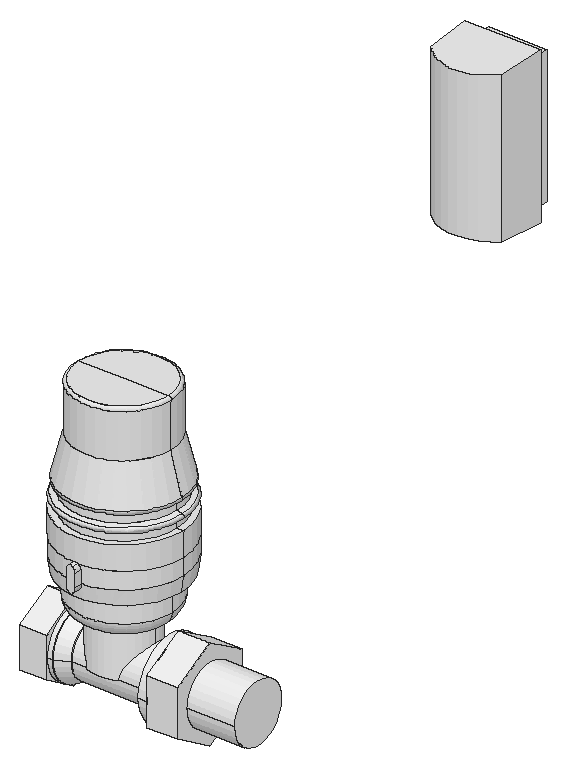
Revit family "RA-IN_Straight_DN10-20_F_Redia_RFA", category Pipe Accessories, Revit 2019
Family settings
  Round Connector Dimension = Use Diameter
  Part Type = Valve - Breaks Into
  OmniClass Number = 23.65.55.14.17
  OmniClass Title = Adjusting/Controlling Valves for Liquid Services
  Work Plane-Based = No
  Always vertical = Yes
  Cut with Voids When Loaded = No
  Shared = No
Parameters (values of type "RA-IN_Straight_DN20_Internal_F_013G6586")
  length = 96.60 mm
  Weight = 0.39 kg
  Wa = 27.50 mm  # constant formula
  W = 58.00 mm  # constant formula
  Setting Range = "1-4,N"  # constant formula
  Sensor Type = Redia Sensors_RA_RFA : Redia Sensors_RA_Remote_8-28 °C
  SL = L1 + L2  # 74.30 mm
  SD = R_200_1 * 2  # 42.38 mm
  R_200_1 = 21.19 mm
  R_200 = 18.30 mm
  RV4 = 18.20 mm
  RV3 = 15.00 mm
  RV2 = 15.60 mm
  Pressure Drop [instance] = 0.0 bar
  Model Type = "RA-IN_Straight_DN20_Internal_F"
  Model = "013G6586"
  Max Operating Pressure = "10 bar"  # constant formula
  Max Medium Temperature = "120 ˚C"  # constant formula
  Max Differential Pressure = "0.6 bar"  # constant formula
  L4 = 14.00 mm
  Valve Body Material = Danfoss Brass (Nickel plated)
  RV5 = 13.30 mm
  LOD 350 = not(LOD 200)  # yes
  LOD 200 = no
  L8 = 4.20 mm
  L7 = 18.00 mm
  L6 = 14.00 mm
  L5 = 6.20 mm
  L [instance] = 96.60 mm
  Kvs = 1.4 m³/h
  IfcExportType = "RA-IN"  # constant formula
  IfcExportAs = "IfcValveType"  # constant formula
  Ha [instance] = 115.90 mm
  HT1 = if(D = 20.00 mm, 20.00 mm, 15.00 mm)  # 20.00 mm
  L3 = 12.20 mm
  URL = "https://store.danfoss.com/fr/en/Climate-Solutions-for-heating/Radiator-Thermostats/Radiator-Valves/Build-on-valves/Presetting-valves/c/13866?q=%3Arelevance%3Adanfoss_producttypehierarchydesc%3ARA-IN%3Adanfoss_a223339155%3AA223_3391558c5e50fab3748e9c53a6863b3dce1401%3Adanfoss_a2824460767%3AA2824_460767800618943025315f869e4e1f09471012&text="
  Manufacturer = "Danfoss"  # constant formula
  L2 = 39.30 mm
  L1 = 35.00 mm
  HT = HT1 + 33.00 mm  # 53.00 mm
  H [instance] = 137.089 mm
  Flow [instance] = 0.0 m³/h
  Description = "Thermostatic Radiator Valve"  # constant formula
  DB1 = 29.00 mm
  DV1 = 25.00 mm
  L_nut thread2 = 18.35 mm
  L_nut thread1 = 15.85 mm
  D = 20.00 mm
  Connection = "Internal thread"  # constant formula
Types (3, lengths in mm): name | length | Weight | SL | SD | R_200_1 | R_200 | RV4 | RV3 | RV2 | Model Type | Model | L4 | RV5 | L8 | L7 | L6 | L5 | L | Kvs | Ha | HT1 | L3 | L2 | L1 | HT | H | DB1 | DV1 | L_nut thread2 | L_nut thread1 | D
  RA-IN_Straight_DN10_Internal_F_013G6582 | 96.60 | 0.39 kg | 74.30 | 42.38 | 21.19 | 18.30 | 18.20 | 15.00 | 15.60 | "RA-IN_Straight_DN20_Internal_F" | "013G6586" | 14.00 | 13.30 | 4.20 | 18.00 | 14.00 | 6.20 | 96.60 | 1.4 m³/h | 115.90 | 20.00 | 12.20 | 39.30 | 35.00 | 53.00 | 137.089 | 29.00 | 25.00 | 18.35 | 15.85 | 20.00
  RA-IN_Straight_DN15_Internal_F_013G6584 | 82.00 | 0.24 kg | 61.00 | 34.64 | 17.32 | 15.42 | 14.80 | 12.30 | 12.50 | "RA-IN_Straight_DN15_Internal_F" | "013G6584" | 10.00 | 10.50 | 3.80 | 15.50 | 9.50 | 4.00 | 82.00 | 0.9 m³/h | 110.90 | 15.00 | 10.00 | 32.00 | 29.00 | 48.00 | 128.221 | 25.50 | 20.30 | 15.00 | 13.35 | 15.00
  RA-IN_Straight_DN20_Internal_F_013G6586 | 96.60 | 0.39 kg | 74.30 | 42.38 | 21.19 | 18.30 | 18.20 | 15.00 | 15.60 | "RA-IN_Straight_DN20_Internal_F" | "013G6586" | 14.00 | 13.30 | 4.20 | 18.00 | 14.00 | 6.20 | 96.60 | 1.4 m³/h | 115.90 | 20.00 | 12.20 | 39.30 | 35.00 | 53.00 | 137.089 | 29.00 | 25.00 | 18.35 | 15.85 | 20.00
Reference planes
  plane 1 "Center (Front/Back)": y = 0
  plane 2 "XYPLANE": z = 6
  plane 3 "Center (Left/Right)": x = 0
  plane 4 "63": x = 0
  plane 5 "62": x = -35
  plane 6 "61": x = 39.3
  plane 7 "60": y = 0
  plane 8 "59": z = 0
  plane 9 "Y2": x = -22.8
  plane 10: z = 53
  plane 11: x = 25.3
  plane 12: z = 20
  plane 13: x = 18
  plane 14: x = -14
  plane 15: x = -20.2
  plane 16: x = 21.1
  plane 17: x = -18.073
  plane 18: x = 61.6
  plane 19: y = 27.5
  plane 20: y = -30.5
Forms (mm)
  Extrusion 1, solid, material "Danfoss Brass (Nickel plated)" <- "Valve Body Material", visible <- "LOD 350", detail levels fine
    sketch origin (-15, 0, 0) x (0, 0, 1) y (0, -1, 0)
      loop
        circle (0, 0) r 12.5
    from 1 to 33
  Extrusion 2, solid, material "Danfoss Brass (Nickel plated)" <- "Valve Body Material", visible <- "LOD 350", detail levels fine
    sketch origin (39.3, -750, 0) x (0, 1, 0) y (0, 0, 1)
      loop
        line (750, 21.189) -> (731.65, 10.594) -> (731.65, -10.594) -> (750, -21.189) -> (768.35, -10.594) -> (768.35, 10.594) -> (750, 21.189)
    from 0 to -14
  Extrusion 3, solid, material "Danfoss Brass (Nickel plated)" <- "Valve Body Material", visible <- "LOD 350", detail levels fine
    sketch origin (-35, -750, 0) x (0, 1, 0) y (0, 0, 1)
      loop
        line (750, 18.302) -> (734.15, 9.151) -> (734.15, -9.151) -> (750, -18.302) -> (765.85, -9.151) -> (765.85, 9.151) -> (750, 18.302)
    from 0 to 12.2 <- "L3"
  Extrusion 4, solid, material "Danfoss Brass (Nickel plated)" <- "Valve Body Material", visible <- "LOD 350", detail levels fine
    sketch origin (39.3, -750, 0) x (0, 1, 0) y (0, 0, 1)
      loop
        circle (750, 0) r 15.6
    from -62.1 to -59.5
  Extrusion 5, solid, material "Danfoss Brass (Nickel plated)" <- "Valve Body Material", visible <- "LOD 200", detail levels fine
    sketch origin (39.3, -750, 0) x (0, 1, 0) y (0, 0, 1)
      loop
        circle (750, 0) r 12.5
    from -62.1 to -14
  Extrusion 6, solid, material "Danfoss Brass (Nickel plated)" <- "Valve Body Material", detail levels fine
    sketch origin (0, 0, 0) x (0, 1, 0) y (0, 0, 1)
      loop
        circle (0, 0) r 13.3
    from 39.3 to 61.6
  Extrusion 7, solid, material "Danfoss Brass (Nickel plated)" <- "Valve Body Material", detail levels fine
    sketch origin (0, 0, 0) x (1, 0, 0) y (0, 1, 0)
      loop
        circle (0, 0) r 14.5
    from 0 to 20
  Blend 8, solid, material "Danfoss Brass (Nickel plated)" <- "Valve Body Material", visible <- "LOD 350", detail levels fine
    base sketch origin (0, 0, 0) x (0, 1, 0) y (0, 0, 1)
      loop
        circle (0, 0) r 15.6
    top sketch origin (0, 0, 0) x (0, 1, 0) y (0, 0, 1)
      loop
        circle (0, 0) r 12.5
    from -20.2 to -14
  Blend 9, solid, material "Danfoss Brass (Nickel plated)" <- "Valve Body Material", visible <- "LOD 350", detail levels fine
    base sketch origin (0, 0, 0) x (0, 1, 0) y (0, 0, -1)
      loop
        circle (0, 0) r 15
    top sketch origin (0, 0, 0) x (0, 1, 0) y (0, 0, -1)
      loop
        circle (0, 0) r 12.5
    from -21.1 to -18
  Extrusion 10, solid, material "Danfoss Brass (Nickel plated)" <- "Valve Body Material", visible <- "LOD 350", detail levels fine
    sketch origin (-29.5, -750, 0) x (0, 1, 0) y (0, 0, -1)
      loop
        circle (750, 0) r 18.2
    from -54.8 to -50.6
  Extrusion 11, solid, material "Danfoss Brass (Nickel plated)" <- "Valve Body Material", visible <- "LOD 200", detail levels fine
    sketch origin (0, 0, 0) x (0, 1, 0) y (0, 0, 1)
      loop
        circle (0, 0) r 18.3
    from -35 to -22.8
  Extrusion 12, solid, material "Danfoss Brass (Nickel plated)" <- "Valve Body Material", visible <- "LOD 200", detail levels fine
    sketch origin (0, 0, 0) x (0, 1, 0) y (0, 0, 1)
      loop
        circle (0, 0) r 21.19
    from 25.3 to 39.3
Lines and regions (mm)
  reference lines, not visible
    curve 1: circle (2, 2, 0) r 1 normal (0, 0, 1)
  reference lines, visible <- "LOD 350"
    curve 2: line (39.3, 0, 0) -> (39.3, 5.846, -3.375)
    curve 3: line (39.3, 0, 0) -> (39.3, 0, -6.75)
    curve 4: line (39.3, 0, 0) -> (39.3, -5.846, -3.375)
    curve 5: line (-35, 0, 0) -> (-35, -4.98, -2.875)
    curve 6: line (-35, 0, 0) -> (-35, 0, -5.75)
    curve 7: line (-35, 0, 0) -> (-35, 4.98, -2.875)
Dimensions and locks
  plane 1 "Center (Front/Back)" to curve 1 = 2.00 mm
  locked: plane 3 "Center (Left/Right)" to plane 4 "63"
  "L1": plane 3 "Center (Left/Right)" to plane 5 "62"
  "L2": plane 3 "Center (Left/Right)" to plane 6 "61"
  locked: plane 1 "Center (Front/Back)" to plane 7 "60"
  plane 8 "59" to plane 2 "XYPLANE" = 6.00 mm
  "L_nut thread2": curve 2 to Extrusion 2 sketch curve  (x2)
  "L_nut thread2": curve 3 to Extrusion 2 sketch curve  (x2)
  "L_nut thread2": curve 4 to Extrusion 2 sketch curve  (x2)
  "L_nut thread1": curve 5 to Extrusion 3 sketch curve  (x2)
  "L_nut thread1": curve 6 to Extrusion 3 sketch curve  (x2)
  "L_nut thread1": curve 7 to Extrusion 3 sketch curve  (x2)
  "HT": plane 10 to level
  "L3": plane 5 "62" to plane 9 "Y2"
  "L4": plane 11 to plane 6 "61"
  "HT1": plane 12 to level
  "L6": plane 3 "Center (Left/Right)" to plane 14
  "L7": plane 13 to plane 3 "Center (Left/Right)"
  "L5": plane 14 to plane 15
  plane 6 "61" to plane 5 "62" = 74.30 mm
  "L8": plane 11 to plane 16
  locked: plane 17 to plane 9 "Y2" at 4.727
  plane 10 to plane 12 = 33.00 mm
  "length": plane 5 "62" to plane 18
  Extrusion 2 to Extrusion 2 = 36.70 mm
  Extrusion 3 to Extrusion 3 = 31.70 mm
  "L": plane 18 to plane 5 "62"
  "H": nested 2 to Extrusion 2
  level to Extrusion 3 = 18.302 mm
  level to Extrusion 2 = 21.189 mm
  "Ha": nested 2 to plane 8 "59"
  "Wa": plane 1 "Center (Front/Back)" to plane 19
  "W": plane 19 to plane 20
  plane 19 to nested 2 = 57.89 mm
  "DV1": diameter of Extrusion 1 sketch curve
  "RV2": radius of Extrusion 4 sketch curve
  "DV1": diameter of Extrusion 5 sketch curve
  "RV5": radius of Extrusion 6 sketch curve
  "DB1": diameter of Extrusion 7 sketch curve
  "RV2": radius of Blend 8 sketch curve
  "DV1": diameter of Blend 8 sketch curve
  "RV3": radius of Blend 9 sketch curve
  "DV1": diameter of Blend 9 sketch curve
  "RV4": radius of Extrusion 10 sketch curve
  "R_200": radius of Extrusion 11 sketch curve
  "R_200_1": radius of Extrusion 12 sketch curve
  locked: curve 3 to curve 2 (angle 60.00°)
  locked: curve 4 to curve 3 (angle 60.00°)
  locked: curve 4 to curve 2 (angle 120.00°)
  locked: curve 6 to curve 5 (angle 60.00°)
  locked: curve 7 to curve 6 (angle 60.00°)
  locked: curve 7 to curve 5 (angle 120.00°)
  aligned and locked: Extrusion 1 sketch curve to plane 7 "60"
  aligned and locked: curve 4 to plane 7 "60"
  aligned and locked: plane 8 "59" to curve 4
  aligned and locked: curve 7 to plane 7 "60"
  aligned and locked: plane 8 "59" to curve 7
  aligned and locked: plane 1 "Center (Front/Back)" to Extrusion 4 sketch curve
  aligned and locked: level to Extrusion 4 sketch curve
  aligned and locked: plane 1 "Center (Front/Back)" to Extrusion 5 sketch curve
  aligned and locked: level to Extrusion 5 sketch curve
  aligned and locked: plane 9 "Y2" to Extrusion 3
  aligned and locked: plane 1 "Center (Front/Back)" to Extrusion 6 sketch curve
  aligned and locked: level to Extrusion 6 sketch curve
  aligned and locked: Extrusion 2 to plane 11
  aligned and locked: plane 4 "63" to Extrusion 7 sketch curve
  aligned and locked: plane 7 "60" to Extrusion 7 sketch curve
  aligned and locked: plane 12 to Extrusion 7
  aligned and locked: Extrusion 6 to plane 6 "61"
  aligned and locked: Extrusion 1 to plane 14
  aligned and locked: plane 13 to Extrusion 1
  aligned and locked: Extrusion 4 to plane 9 "Y2"
  aligned and locked: plane 15 to Extrusion 4
  aligned and locked: plane 1 "Center (Front/Back)" to Blend 8 sketch curve  (x2)
  aligned and locked: level to Blend 8 sketch curve  (x2)
  aligned and locked: Blend 8 to plane 15
  aligned and locked: plane 14 to Blend 8
  aligned and locked: plane 13 to Blend 9
  aligned and locked: plane 1 "Center (Front/Back)" to Blend 9 sketch curve  (x2)
  aligned and locked: level to Blend 9 sketch curve  (x2)
  aligned and locked: Extrusion 5 to plane 9 "Y2"
  aligned and locked: plane 11 to Extrusion 5
  aligned and locked: plane 16 to Blend 9
  aligned and locked: plane 11 to Extrusion 10
  aligned and locked: Extrusion 10 to plane 16
  aligned and locked: plane 1 "Center (Front/Back)" to Extrusion 11 sketch curve
  aligned and locked: level to Extrusion 11 sketch curve
  aligned and locked: Extrusion 11 to plane 5 "62"
  aligned and locked: Extrusion 11 to plane 9 "Y2"
  aligned and locked: plane 1 "Center (Front/Back)" to Extrusion 12 sketch curve
  aligned and locked: level to Extrusion 12 sketch curve
  aligned and locked: Extrusion 12 to Extrusion 2
  aligned and locked: Extrusion 12 to plane 6 "61"
  aligned and locked: plane 18 to Extrusion 6
  aligned and locked: plane 3 "Center (Left/Right)" to nested 1
  aligned and locked: plane 12 to nested 1
  aligned and locked: plane 1 "Center (Front/Back)" to nested 1
  aligned and locked: plane 8 "59" to nested 3
  aligned and locked: plane 1 "Center (Front/Back)" to nested 3
  aligned and locked: nested 3 to plane 5 "62"
  aligned and locked: plane 3 "Center (Left/Right)" to nested 2
  aligned and locked: plane 1 "Center (Front/Back)" to nested 2
  aligned and locked: nested 2 to plane 12
Automatic sketch dimensions
  plane 3 "Center (Left/Right)" to curve 1 = 2.00 mm
  Extrusion 1 sketch curve to level = 0.00 mm
  Extrusion 6 sketch curve to level = 0.00 mm
  Extrusion 10 sketch curve to level = 0.00 mm
  Extrusion 10 sketch curve to plane 1 "Center (Front/Back)" = 0.00 mm
  radius of curve 1 = 1.00 mm
Nested families
  nested 1: "connection neck" at (0, 0, 20), LOD 200 <- "LOD 200", type "connection", detail levels fine
    with LOD 350 yes, LOD 200 no, DN20(350) yes, DN10-15(350) no, HT1 12.55 mm, D 20.00 mm
  nested 2: "Redia Sensors_RA_RFA" at (0, 0, 20), type <- "Sensor Type", LOD 200 <- "LOD 200", type "Redia Sensors_RA_Remote_8-28 °C", detail levels fine
    with Y' 1200.00 mm, X' 1200.00 mm, LOD 350 yes, LOD 200 no, Box Z Offset 100.00 mm, Box Y Offset 100.00 mm, Box X Offset 100.00 mm
  nested 3: "Schematic_TRV_Sensor_Straight" at (2.15, 0, 0), type "Schematic_TRV_Sensor_Straight", detail levels coarse+medium
    with LA_1 3.767 mm, HT 53.00 mm, HA_2 27.123 mm, HA_1 6.781 mm, HA 33.904 mm, LA 20.342 mm, L 74.30 mm, D 42.38 mm
Connectors
  piping at (-35, 0, 0), diameter 20, driven by "D", driven by "Flow"
    settings: on Extrusion 3, index 2, connector inside diameter 609.6 mm, connector length 0.00 mm, flow factor 0, pipe flow 0.0 m³/h, pressure drop 0.0 bar, fitting loss kfactor 0, connector angle 0.00°, fixture units 0, engagement length 0.00 mm, angle of deflection 0.00°, flow configuration 0, flow direction 1, fitting loss method 0, system type 29, joint type 0, gender type 0, connector reference index 3, connector utility 0, adjustable connector no, is connector primary yes, connector description ""
  piping at (39.3, 0, 0), diameter 20, driven by "Flow", driven by "D"
    settings: on Extrusion 2, index 3, connector inside diameter 609.6 mm, connector length 0.00 mm, flow factor 0, pipe flow 0.0 m³/h, pressure drop 0.0 bar, fitting loss kfactor 0, connector angle 0.00°, fixture units 0, engagement length 0.00 mm, angle of deflection 0.00°, flow configuration 0, flow direction 2, fitting loss method 0, system type 29, joint type 0, gender type 0, connector reference index 2, connector utility 0, adjustable connector no, is connector primary no, connector description ""
Definition of nested family "connection neck"
  Parameters (values of type "connection")
    Model = ""
    Valve Body Material = none
    LOD 350 [instance] = not(LOD 200)  # yes
    LOD 200 [instance] = no
    IfcExportType = "Connection neck"  # constant formula
    IfcExportAs = "IfcValveType"  # constant formula
    URL = "https://store.danfoss.com/en/Climate-Solutions-for-heating/Radiator-Thermostats/Radiator-Valves/Build-on-valves/Presetting-valves/c/13866?q=%3Arelevance%3Adanfoss_producttypehierarchydesc%3ARA-N&text="
    Manufacturer = "Danfoss"  # constant formula
    HT1 = if(D = 20.00 mm, 12.55 mm, 12.65 mm)  # 12.65 mm
    HT = 33.00 mm  # constant formula
    H [instance] = 33.00 mm
    Description = "Thermostatic Radiator Valve"  # constant formula
    DN20(350) [instance] = and((LOD 350), D = 20.00 mm)  # no
    DN10-15(350) [instance] = and((LOD 350), D < 20.00 mm)  # yes
    D = 15.00 mm
  Reference planes
    plane 1 "Center (Front/Back)": y = 0
    plane 2 "XYPLANE": z = 6
    plane 3 "Center (Left/Right)": x = 0
    plane 4 "67": z = 27.03
    plane 5 "66": z = 7
    plane 6 "63": x = 0
    plane 7 "60": y = 0
    plane 8 "59": z = 0
    plane 9: z = 33
    plane 10: z = 12.65
    plane 11: z = 0
    plane 12 "HT1": z = 12.65
    plane 13: z = 6.1
    plane 14: z = 23.03
  Forms (mm)
    Revolve 1, solid, detail levels fine
      sketch origin (0, 0, 0) x (1, 0, 0) y (0, 0, 1)
        loop
          line (0, 33) -> (0, 27.03) -> (1, 27.03) -> (1, 33) -> (0, 33)
        axis (0, 27.03) -> (0, 33)
      angle from 0 to 360
    Revolve 2, solid, visible <- "DN10-15(350)", detail levels fine
      sketch origin (0, 0, 0) x (1, 0, 0) y (0, 0, 1)
        loop
          line (0, 0) -> (11.5, 0) -> (11.5, 7) -> (8.3, 7) -> (8.3, 12.65) -> (0, 12.65) -> (0, 0)
        axis (0, 12.65) -> (0, 0)
      angle from 0 to 360
    Revolve 3, solid, material <- "Valve Body Material", detail levels fine
      sketch origin (0, 0, 0) x (1, 0, 0) y (0, 0, 1)
        loop
          line (0, 23.03) -> (0, 12.65) -> (9.3, 12.65) -> (9.3, 23.03) -> (0, 23.03)
        axis (0, 12.65) -> (0, 23.03)
      angle from 0 to 360
    Revolve 4, solid, visible <- "LOD 200", detail levels fine
      sketch origin (0, 0, 0) x (1, 0, 0) y (0, 0, 1)
        loop
          line (0, 0) -> (11.5, 0) -> (11.5, 12.65) -> (0, 12.65) -> (0, 0)
        axis (0, 0) -> (0, 12.65)
      angle from 0 to 360
    Extrusion 5, solid, visible <- "LOD 350", detail levels fine
      sketch origin (0, 0, 0) x (1, 0, 0) y (0, 1, 0)
        loop
          line (-2.887, 5) -> (-5.774, 0) -> (-2.887, -5) -> (2.887, -5) -> (5.774, 0) -> (2.887, 5) -> (-2.887, 5)
      from 23.03 to 27.03
    Revolve 6, solid, visible <- "LOD 200", detail levels fine
      sketch origin (0, 0, 0) x (1, 0, 0) y (0, 0, 1)
        loop
          line (0, 27.03) -> (0, 23.03) -> (5.774, 23.03) -> (5.774, 27.03) -> (0, 27.03)
        axis (0, 27.03) -> (0, 23.03)
      angle from 0 to 360
    Revolve 7, solid, visible <- "DN20(350)", detail levels fine
      sketch origin (0, 0, 0) x (1, 0, 0) y (0, 0, 1)
        loop
          line (0, 0) -> (11.5, 0) -> (11.5, 6.1) -> (8.3, 6.1) -> (8.3, 12.65) -> (0, 12.65) -> (0, 0)
        axis (0, 12.65) -> (0, 0)
      angle from 0 to 360
  Lines and regions (mm)
    reference lines, not visible
      curve 1: circle (2, 2, 0) r 1 normal (0, 0, 1)
    reference lines, visible <- "LOD 350"
      curve 2: line (32, 0, 0) -> (32, 5.846, -3.375)
      curve 3: line (32, 0, 0) -> (32, 0, -6.75)
      curve 4: line (32, 0, 0) -> (32, -5.846, -3.375)
      curve 5: line (-29, 0, 0) -> (-29, -4.98, -2.875)
      curve 6: line (-29, 0, 0) -> (-29, 0, -5.75)
      curve 7: line (-29, 0, 0) -> (-29, 4.98, -2.875)
  Dimensions and locks
    plane 1 "Center (Front/Back)" to curve 1 = 2.00 mm
    locked: plane 3 "Center (Left/Right)" to plane 6 "63"
    locked: plane 1 "Center (Front/Back)" to plane 7 "60"
    plane 8 "59" to plane 2 "XYPLANE" = 6.00 mm
    "HT": plane 9 to level
    Revolve 3 sketch curve to Revolve 3 sketch curve = 9.30 mm
    Revolve 2 sketch curve to plane 3 "Center (Left/Right)" = 11.50 mm
    Revolve 2 sketch curve to plane 3 "Center (Left/Right)" = 8.30 mm
    Revolve 4 sketch curve to Revolve 4 sketch curve = 11.50 mm
    Extrusion 5 sketch curve to Extrusion 5 sketch curve = 10.00 mm  (x3)
    equal spacing: Extrusion 5 sketch curve, plane 1 "Center (Front/Back)", Extrusion 5 sketch curve
    equal spacing: Extrusion 5 sketch curve, plane 3 "Center (Left/Right)", Extrusion 5 sketch curve  (x2)
    Revolve 6 sketch curve to Revolve 6 sketch curve = 5.774 mm
    "H": plane 9 to plane 11
    Revolve 1 sketch curve to Revolve 1 sketch curve = 1.00 mm
    locked: level to plane 11
    Revolve 7 sketch curve to plane 3 "Center (Left/Right)" = 8.30 mm
    Revolve 7 sketch curve to plane 3 "Center (Left/Right)" = 11.50 mm
    plane 10 to plane 5 "66" = 5.65 mm
    "HT1": plane 12 "HT1" to level
    locked: plane 13 to level at 6.1
    plane 12 "HT1" to plane 13 = 6.55 mm
    locked: plane 14 to plane 12 "HT1" at 10.38
    locked: plane 4 "67" to plane 14 at 4
    locked: plane 5 "66" to level at 7
    locked: curve 3 to curve 2 (angle 60.00°)
    locked: curve 4 to curve 3 (angle 60.00°)
    locked: curve 4 to curve 2 (angle 120.00°)
    locked: curve 6 to curve 5 (angle 60.00°)
    locked: curve 7 to curve 6 (angle 60.00°)
    locked: curve 7 to curve 5 (angle 120.00°)
    aligned and locked: curve 4 to plane 7 "60"
    aligned and locked: plane 8 "59" to curve 4
    aligned and locked: curve 7 to plane 7 "60"
    aligned and locked: plane 8 "59" to curve 7
    aligned and locked: Revolve 1 sketch curve to plane 6 "63"
    aligned and locked: Revolve 1 sketch curve to plane 9
    aligned and locked: plane 6 "63" to Revolve 1 sketch curve
    aligned and locked: Revolve 2 sketch curve to plane 5 "66"
    aligned and locked: Revolve 2 sketch curve to plane 3 "Center (Left/Right)"
    aligned and locked: Revolve 2 sketch curve to Revolve 2 sketch curve
    aligned and locked: Revolve 3 sketch curve to plane 6 "63"
    aligned and locked: plane 6 "63" to Revolve 3 sketch curve
    aligned and locked: Revolve 4 sketch curve to plane 6 "63"
    aligned and locked: plane 2 "XYPLANE" to Revolve 4 sketch curve
    aligned and locked: plane 6 "63" to Revolve 4 sketch curve
    aligned and locked: Revolve 1 sketch curve to plane 4 "67"
    aligned and locked: plane 4 "67" to Revolve 1 sketch curve
    aligned and locked: Revolve 2 sketch curve to plane 11
    aligned and locked: plane 11 to Revolve 2 sketch curve
    aligned and locked: plane 4 "67" to Extrusion 5
    aligned and locked: plane 10 to Revolve 4
    aligned and locked: Revolve 6 sketch curve to plane 6 "63"  (x2)
    aligned and locked: Revolve 6 sketch curve to plane 4 "67"
    aligned and locked: Revolve 6 sketch curve to Revolve 1
    aligned and locked: Revolve 6 sketch curve to Revolve 6 sketch curve
    aligned and locked: Revolve 7 sketch curve to level
    aligned and locked: Revolve 7 sketch curve to plane 3 "Center (Left/Right)"  (x2)
    aligned and locked: Revolve 4 sketch curve to plane 12 "HT1"
    aligned and locked: Revolve 3 sketch curve to plane 12 "HT1"
    aligned and locked: Revolve 2 sketch curve to plane 12 "HT1"
    aligned and locked: Revolve 7 sketch curve to plane 12 "HT1"
    aligned and locked: Revolve 7 sketch curve to plane 13
    aligned and locked: Revolve 3 sketch curve to plane 14
    aligned and locked: Extrusion 5 to plane 14
  Automatic sketch dimensions
    plane 3 "Center (Left/Right)" to curve 1 = 2.00 mm
    plane 9 to Revolve 1 sketch curve = 0.838 mm
    Revolve 3 sketch curve to plane 3 "Center (Left/Right)" = 0.00 mm
    plane 5 "66" to Revolve 3 sketch curve = 2.50 mm
    Revolve 3 sketch curve to plane 9 = 1.691 mm
    Revolve 4 sketch curve to plane 11 = 0.00 mm
    Revolve 4 sketch curve to plane 9 = 0.30 mm
    plane 1 "Center (Front/Back)" to Extrusion 5 sketch curve = 0.00 mm
    Extrusion 5 sketch curve to Extrusion 5 sketch curve = 2.887 mm
    Revolve 7 sketch curve to Revolve 7 sketch curve = 0.00 mm
    Revolve 7 sketch curve to Revolve 7 sketch curve = 11.48 mm
    Revolve 2 sketch curve to plane 4 "67" = 3.00 mm
    Revolve 6 sketch curve to plane 4 "67" = 4.00 mm
    radius of curve 1 = 1.00 mm
Definition of nested family "Redia Sensors_RA_RFA"
  Parameters (values of type "Redia Sensors_RA_Built-in_8-28 °C")
    YH = XYadd - H'  # 504.10 mm
    Y' [instance] = if(Box Y Offset < -1 * XYlimit, XYadd - XYlimit, (if(Box Y Offset > XYlimit, XYadd + XYlimit, Box Y Offset + XYadd)))  # 700.00 mm
    XYadd = XYlimit + 100.00 mm  # 600.00 mm
    X' [instance] = if(Box X Offset < -1 * XYlimit, XYadd - XYlimit, (if(Box X Offset > XYlimit, XYadd + XYlimit, Box X Offset + XYadd)))  # 700.00 mm
    XYlimit = 500.00 mm
    W [instance] = 57.89 mm
    Redia Sensor = Redia_RA_RFA : Redia Sensors_standard
    Sensor Media = "Liquid"  # constant formula
    Remote Sensor = if(RS = 1, 1 = 1, 1 = 0)  # no
    Box Z Offset [instance] = 100.00 mm  # constant formula
    URL = "https://store.danfoss.com/en/Climate-Solutions-for-heating/Radiator-Thermostats/Radiator-sensors/Room-sensor-mTRV/Sensors-for-Danfoss-RA-valves/c/13884?q=%3Arelevance%3Adanfoss_a1184338573%3AA1184_3385735918e24870f0ea98b9978dae8a69c533%3Adanfoss_producttypehierarchydesc%3ADanfoss+Redia%C2%AE+Sensors%3Adanfoss_a1186338575%3AA1186_3385757565fa0f3e171a343b2fd2a01064cb82&text="
    RS = 0
    Model Type = "Redia Sensors_RA_Built-in_8-28 °C"
    Model = "015G3390,015G3380,015G3388,015G3398,015G3898"
    Min Temperature Setting = "8 °C"
    Max Temperature Setting = "28 °C"
    Max Capillary Tube Length = 0.00 mm
    Manufacturer = "Danfoss"  # constant formula
    LOD 350 [instance] = not(LOD 200)  # yes
    LOD 200 [instance] = no
    L [instance] = 55.00 mm
    IfcExportType = "Redia Sensors"  # constant formula
    IfcExportAs = "IfcActuatorType"  # constant formula
    H' = 95.90 mm
    H [instance] = 95.90 mm
    Description = "Radiator Sensor"  # constant formula
    Connection = "RA"  # constant formula
    Box Y Offset [instance] = 100.00 mm
    Box X Offset [instance] = 100.00 mm
    Body Material = none
  Types (8, lengths in mm): name | YH | Y' | XYadd | X' | XYlimit | Redia Sensor | Remote Sensor | URL | RS | Model Type | Model | Min Temperature Setting | Max Temperature Setting | Max Capillary Tube Length | H' | H
    (no name) | 504.10 | 700.00 | 600.00 | 700.00 | 500.00 | Redia_RA_RFA : Redia Sensors_standard | no | "https://store.danfoss.com/en/Climate-Solutions-for-heating/Radiator-Thermostats/Radiator-sensors/Room-sensor-mTRV/Sensors-for-Danfoss-RA-valves/c/13884?q=%3Arelevance%3Adanfoss_a1184338573%3AA1184_3385735918e24870f0ea98b9978dae8a69c533%3Adanfoss_producttypehierarchydesc%3ADanfoss+Redia%C2%AE+Sensors%3Adanfoss_a1186338575%3AA1186_3385757565fa0f3e171a343b2fd2a01064cb82&text=" | 0 | "Redia Sensors_RA_Built-in_8-28 °C" | "015G3390,015G3380,015G3388,015G3398,015G3898" | "8 °C" | "28 °C" | 0.00 | 95.90 | 95.90
    Redia Sensors_RA_Remote_8-28 °C | 1004.10 | 1200.00 | 1100.00 | 1200.00 | 1000.00 | Redia_RA_RFA : Redia Sensors_standard | yes | "https://store.danfoss.com/en/Climate-Solutions-for-heating/Radiator-Thermostats/Radiator-sensors/Room-sensor-mTRV/Sensors-for-Danfoss-RA-valves/c/13884?q=%3Arelevance%3Adanfoss_a1184338573%3AA1184_3385735918e24870f0ea98b9978dae8a69c533%3Adanfoss_producttypehierarchydesc%3ADanfoss+Redia%C2%AE+Sensors%3Adanfoss_a1186338575%3AA1186_3385756922a4d78decdb47e1e9a53dbb12a95d&text=" | 1 | "Redia Sensors_RA_Remote_8-28 °C" | "015G3392,015G3382" | "8 °C" | "28 °C" | 2000.00 | 95.90 | 95.90
    Redia Sensors_RA_Built-in_8-28 °C | 504.10 | 700.00 | 600.00 | 700.00 | 500.00 | Redia_RA_RFA : Redia Sensors_standard | no | "https://store.danfoss.com/en/Climate-Solutions-for-heating/Radiator-Thermostats/Radiator-sensors/Room-sensor-mTRV/Sensors-for-Danfoss-RA-valves/c/13884?q=%3Arelevance%3Adanfoss_a1184338573%3AA1184_3385735918e24870f0ea98b9978dae8a69c533%3Adanfoss_producttypehierarchydesc%3ADanfoss+Redia%C2%AE+Sensors%3Adanfoss_a1186338575%3AA1186_3385757565fa0f3e171a343b2fd2a01064cb82&text=" | 0 | "Redia Sensors_RA_Built-in_8-28 °C" | "015G3390,015G3380,015G3388,015G3398,015G3898" | "8 °C" | "28 °C" | 0.00 | 95.90 | 95.90
    Redia Sensors_RA_Built-in_16-28 °C | 504.10 | 700.00 | 600.00 | 700.00 | 500.00 | Redia_RA_RFA : Redia Sensors_standard | no | "https://store.danfoss.com/en/Climate-Solutions-for-heating/Radiator-Thermostats/Radiator-sensors/Room-sensor-mTRV/Sensors-for-Danfoss-RA-valves/c/13884?q=%3Arelevance%3Adanfoss_a1184338573%3AA1184_3385735918e24870f0ea98b9978dae8a69c533%3Adanfoss_producttypehierarchydesc%3ADanfoss+Redia%C2%AE+Sensors%3Adanfoss_a1186338575%3AA1186_3385757565fa0f3e171a343b2fd2a01064cb82&text=" | 0 | "Redia Sensors_RA_Built-in_16-28 °C" | "015G3396,015G5334" | "16 °C" | "28 °C" | 0.00 | 95.90 | 95.90
    Redia Sensors_RA_Built-in_8-19.5 °C_015G5320 | 505.25 | 700.00 | 600.00 | 700.00 | 500.00 | Redia_RA_RFA : Redia Sensors_limited | no | "https://store.danfoss.com/en/Climate-Solutions-for-heating/Radiator-Thermostats/Radiator-sensors/Room-sensor-mTRV/Sensors-for-Danfoss-RA-valves/c/13884?q=%3Arelevance%3Adanfoss_a1184338573%3AA1184_3385735918e24870f0ea98b9978dae8a69c533%3Adanfoss_producttypehierarchydesc%3ADanfoss+Redia%C2%AE+Sensors%3Adanfoss_a1186338575%3AA1186_3385757565fa0f3e171a343b2fd2a01064cb82&text=" | 0 | "Redia Sensors_RA_Built-in_8-19.5 °C" | "015G5320" | "8 °C" | "19.5 °C" | 0.00 | 94.75 | 94.75
    Redia Sensors_RA_Built-in_8-21 °C_015G5421 | 505.25 | 700.00 | 600.00 | 700.00 | 500.00 | Redia_RA_RFA : Redia Sensors_limited | no | "https://store.danfoss.com/en/Climate-Solutions-for-heating/Radiator-Thermostats/Radiator-sensors/Room-sensor-mTRV/Sensors-for-Danfoss-RA-valves/c/13884?q=%3Arelevance%3Adanfoss_a1184338573%3AA1184_3385735918e24870f0ea98b9978dae8a69c533%3Adanfoss_producttypehierarchydesc%3ADanfoss+Redia%C2%AE+Sensors%3Adanfoss_a1186338575%3AA1186_3385757565fa0f3e171a343b2fd2a01064cb82&text=" | 0 | "Redia Sensors_RA_Built-in_8-21 °C" | "015G5421" | "8 °C" | "21 °C" | 0.00 | 94.75 | 94.75
    Redia Sensors_RA_Built-in_8-22 °C_015G5422 | 505.25 | 700.00 | 600.00 | 700.00 | 500.00 | Redia_RA_RFA : Redia Sensors_limited | no | "https://store.danfoss.com/en/Climate-Solutions-for-heating/Radiator-Thermostats/Radiator-sensors/Room-sensor-mTRV/Sensors-for-Danfoss-RA-valves/c/13884?q=%3Arelevance%3Adanfoss_a1184338573%3AA1184_3385735918e24870f0ea98b9978dae8a69c533%3Adanfoss_producttypehierarchydesc%3ADanfoss+Redia%C2%AE+Sensors%3Adanfoss_a1186338575%3AA1186_3385757565fa0f3e171a343b2fd2a01064cb82&text=" | 0 | "Redia Sensors_RA_Built-in_8-22 °C" | "015G5422" | "8 °C" | "22 °C" | 0.00 | 94.75 | 94.75
    Redia Sensors_RA_Built-in_8-23 °C_015G5423 | 505.25 | 700.00 | 600.00 | 700.00 | 500.00 | Redia_RA_RFA : Redia Sensors_limited | no | "https://store.danfoss.com/en/Climate-Solutions-for-heating/Radiator-Thermostats/Radiator-sensors/Room-sensor-mTRV/Sensors-for-Danfoss-RA-valves/c/13884?q=%3Arelevance%3Adanfoss_a1184338573%3AA1184_3385735918e24870f0ea98b9978dae8a69c533%3Adanfoss_producttypehierarchydesc%3ADanfoss+Redia%C2%AE+Sensors%3Adanfoss_a1186338575%3AA1186_3385757565fa0f3e171a343b2fd2a01064cb82&text=" | 0 | "Redia Sensors_RA_Built-in_8-23 °C" | "015G5423" | "8 °C" | "23 °C" | 0.00 | 94.75 | 94.75
  Reference planes
    plane 1 "Center (Front/Back)": y = 0
    plane 2: z = 0
    plane 3 "Center (Left/Right)": x = 0
    plane 4: z = 23.299
    plane 5: x = -600
    plane 6: z = -504.1
    plane 7: z = 195.9
    plane 8: z = 95.9
    plane 9: x = -27.5
    plane 10: x = 27.5
    plane 11: y = 27.5
    plane 12: y = -30.39
  Lines and regions (mm)
    reference lines
      curve 1: line (100, 100, 0) -> (100, 0, 0)
      curve 2: line (20, 100, 0) -> (-60, 100, 0)
  Dimensions and locks
    "XYadd": plane 5 to plane 3 "Center (Left/Right)"
    "YH": level to plane 6
    locked: plane 1 "Center (Front/Back)" to curve 2 at 100
    "Y'": plane 7 to plane 6
    "X'": plane 5 to curve 1
    "Box Z Offset": nested 1 to plane 1 "Center (Front/Back)"
    nested 1 to plane 3 "Center (Left/Right)" = 100.00 mm
    "H'": plane 8 to level
    "H": plane 8 to level
    nested 1 to plane 8 = 100.00 mm
    equal spacing: plane 9, plane 3 "Center (Left/Right)", plane 10
    "L": plane 9 to plane 10
    "W": plane 11 to plane 12
    aligned and locked: level to plane 2
    aligned and locked: nested 1 to curve 1
    aligned and locked: plane 7 to nested 1
    aligned and locked: plane 3 "Center (Left/Right)" to nested 2
    aligned and locked: nested 2 to curve 2
    aligned and locked: plane 1 "Center (Front/Back)" to nested 2
  Automatic sketch dimensions
    plane 1 "Center (Front/Back)" to curve 1 = 0.00 mm
    plane 10 to curve 2 = 7.50 mm
    plane 9 to curve 2 = 32.50 mm
  Nested families
    nested 1: "Remote sensor_L_box_RFA" at (100, 100, 195.9) x (-1, 0, 0) z (0, -1, 0), LOD 200 <- "LOD 200", Body Material <- "Body Material", visible <- "Remote Sensor", type "Remote sensor_box"
      with LOD 350 yes, LOD 200 no, Body Material none
    nested 2: "Redia_RA_RFA" at (0, 0, 0), type <- "Redia Sensor", type "Redia Sensors_standard", detail levels fine
  Definition of nested family "Remote sensor_L_box_RFA"
    Parameters (values of type "Remote sensor_box")
      W [instance] = 71.00 mm
      URL = ""
      Sensor Media = "Liquid"  # constant formula
      Model = ""
      Manufacturer = "Danfoss"  # constant formula
      LOD 350 [instance] = not(LOD 200)  # yes
      LOD 200 [instance] = no
      L [instance] = 35.00 mm
      IfcExportType = "Remote Liquid Sensor"  # constant formula
      IfcExportAs = "IfcActuatorType"  # constant formula
      H [instance] = 36.00 mm
      Description = "Radiator Sensor"  # constant formula
      Default Elevation = 1219.20 mm
      Body Material [instance] = none
    Reference planes
      plane 1 "Center (Front/Back)": y = 0
      plane 2: z = 0
      plane 3 "Center (Left/Right)": x = 0
      plane 4: z = 36
      plane 5: y = 35.5
      plane 6: y = -35.5
      plane 7: x = -17.5
      plane 8: x = 17.5
    Forms (mm)
      Extrusion 1, solid, material <- "Body Material", detail levels fine
        sketch origin (0, 0, 83.1) x (0, -1, 0) y (1, 0, 0)
          loop
            line (-31.3, -14.05) -> (31.3, -14.05) -> (31.3, 12.693) -> (-31.3, 12.693) -> (-31.3, -14.05)
        from -83.1 to -75.525
      Extrusion 2, solid, material <- "Body Material", visible <- "LOD 200", detail levels fine
        sketch origin (0, 0, 88.6) x (0, -1, 0) y (1, 0, 0)
          loop
            line (-35.5, -17.5) -> (35.5, -17.5) -> (35.5, 17.5) -> (-35.5, 17.5) -> (-35.5, -17.5)
        from -81.025 to -52.6
      Blend 3, solid, material <- "Body Material", visible <- "LOD 350", detail levels fine
        base sketch origin (0, 0, 82.972) x (0, -1, 0) y (1, 0, 0)
          loop
            line (-35.501, -17.5) -> (35.5, -17.5) -> (35.5, 17.5) -> (-35.501, 17.5) -> (-35.501, -17.5)
        top sketch origin (0, 0, 82.972) x (0, -1, 0) y (1, 0, 0)
          loop
            line (-33.935, -15.989) -> (33.935, -15.989) -> (33.935, 15.989) -> (-33.935, 15.989) -> (-33.935, -15.989)
        from -75.397 to -46.972
      Extrusion 4, void
        sketch origin (0, 0, 0) x (0, 1, 0) y (0, 0, 1)
          loop
            line (35.859, 0) -> (38.543, 0) -> (38.543, 36) -> (33.464, 36) -> (35.859, 0)
          loop
            line (-33.465, 36) -> (-38.605, 36) -> (-38.605, 0) -> (-35.857, 0) -> (-33.465, 36)
        from -17.5 to 17.5
      Extrusion 5, void
        sketch origin (0, 0, 0) x (1, 0, 0) y (0, 0, 1)
          loop
            arc (-17.5, 27.199) -> (0, 35.901) -> (17.5, 27.199) r 21.948
            line (17.5, 27.199) -> (27.5, 27.199) -> (27.5, 40.558) -> (-22.5, 40.558) -> (-22.5, 27.199) -> (-17.5, 27.199)
        from -52.842 to 46.921
      Extrusion 6, solid, material <- "Body Material", detail levels coarse+medium
        sketch origin (0, 0, 83.1) x (0, -1, 0) y (1, 0, 0)
          loop
            line (-35.5, -17.5) -> (35.5, -17.5) -> (35.5, 17.5) -> (-35.5, 17.5) -> (-35.5, -17.5)
        from -83.1 to -47.1
    Cuts and joins
      Extrusion 5 cuts Blend 3
    Dimensions and locks
      "H": plane 4 to level
      equal spacing: plane 7, plane 3 "Center (Left/Right)", plane 8
      "L": plane 7 to plane 8
      plane 8 to plane 7 = 35.00 mm
      "W": plane 5 to plane 6
      equal spacing: plane 5, plane 1 "Center (Front/Back)", plane 6
      level to Extrusion 1 = 7.575 mm
      aligned and locked: level to plane 2
      aligned and locked: Extrusion 1 to level
      aligned and locked: Extrusion 2 to plane 7
      aligned and locked: plane 8 to Extrusion 2
      aligned and locked: plane 4 to Extrusion 2
      aligned and locked: plane 5 to Extrusion 2
      aligned and locked: Extrusion 2 to plane 6
      aligned and locked: Blend 3 to Extrusion 1
      aligned and locked: Extrusion 4 to level
      aligned and locked: Extrusion 2 to Extrusion 1
      aligned and locked: plane 5 to Extrusion 6 sketch curve
      aligned and locked: plane 7 to Extrusion 6 sketch curve
      aligned and locked: plane 8 to Extrusion 6 sketch curve
      aligned and locked: plane 6 to Extrusion 6 sketch curve
      aligned and locked: Extrusion 6 to level
      aligned and locked: plane 4 to Extrusion 6
      aligned and locked: Extrusion 4 to Extrusion 6
    Automatic sketch dimensions
      Extrusion 1 sketch curve to plane 5 = 4.20 mm
      plane 6 to Extrusion 1 sketch curve = 4.20 mm
      plane 7 to Extrusion 1 sketch curve = 3.45 mm
      Extrusion 1 sketch curve to plane 8 = 4.807 mm
      Extrusion 2 sketch curve to plane 5 = 0.00 mm
      Extrusion 2 sketch curve to plane 6 = 0.00 mm
      plane 7 to Extrusion 2 sketch curve = 0.00 mm
      plane 8 to Extrusion 2 sketch curve = 0.00 mm
      plane 6 to Blend 3 sketch curve = 0.00 mm
      Blend 3 sketch curve to plane 5 = 1.565 mm
      plane 7 to Blend 3 sketch curve = 1.511 mm
      plane 6 to Blend 3 sketch curve = 1.565 mm
      Blend 3 sketch curve to plane 8 = 1.511 mm
      Extrusion 4 sketch curve to plane 4 = 0.00 mm  (x2)
      Extrusion 4 sketch curve to plane 6 = 3.105 mm
      Extrusion 4 sketch curve to plane 6 = 0.357 mm
      plane 5 to Extrusion 4 sketch curve = 0.359 mm
      level to Extrusion 4 sketch curve = 0.00 mm  (x2)
      plane 6 to Extrusion 4 sketch curve = 2.035 mm
      Extrusion 4 sketch curve to plane 5 = 2.036 mm
      Extrusion 4 sketch curve to Extrusion 4 sketch curve = 2.685 mm
      plane 5 to Blend 3 sketch curve = 0.001 mm
      plane 7 to Blend 3 sketch curve = 0.00 mm
      Blend 3 sketch curve to plane 8 = 0.00 mm
      Extrusion 5 sketch curve to plane 7 = 0.00 mm
      Extrusion 5 sketch curve to plane 3 "Center (Left/Right)" = 0.00 mm
      Extrusion 5 sketch curve to plane 8 = 0.00 mm
      Extrusion 5 sketch curve to Extrusion 5 sketch curve = 5.00 mm
      plane 8 to Extrusion 5 sketch curve = 10.00 mm
      level to Extrusion 5 sketch curve = 13.952 mm
      Extrusion 5 sketch curve to plane 4 = 8.801 mm
      plane 4 to Extrusion 5 sketch curve = 4.558 mm
  Definition of nested family "Redia_RA_RFA"
    Parameters (values of type "Redia Sensors_standard")
      W = 57.89 mm
      URL = ""
      Sensor Media = "Liquid"  # constant formula
      Model = ""
      Manufacturer = "Danfoss"  # constant formula
      LOD 350 = not(LOD 200)  # yes
      LOD 200 = no
      L = 55.00 mm
      IfcExportType = "Redia Sensors"  # constant formula
      IfcExportAs = "IfcActuatorType"  # constant formula
      H2 = 22.405 mm
      HH = 95.90 mm
      H1 = 17.523 mm
      H [instance] = 95.90 mm
      Description = "Radiator Sensor"  # constant formula
      Connection = ""
      Body Material = none
    Types (2, lengths in mm): name | H2 | HH | H1 | H
      Redia Sensors_standard | 22.405 | 95.90 | 17.523 | 95.90
      Redia Sensors_limited | 21.40 | 94.75 | 16.35 | 94.75
    Reference planes
      plane 1 "Center (Front/Back)": y = 0
      plane 2: z = 0
      plane 3 "Center (Left/Right)": x = 0
      plane 4: y = 27.5
      plane 5: x = 27.5
      plane 6: x = -27.5
      plane 7: z = 95.9
      plane 8: y = -27.5
      plane 9: y = -30.39
    Forms (mm)
      Revolve 1, solid, material <- "Body Material", visible <- "LOD 350", detail levels fine
        sketch origin (0, 0, 0) x (1, 0, 0) y (0, 0, 1)
          loop
            line (-13.65, 1) -> (-13.025, 0) -> (0, 0) -> (0, 95.9) -> (-20.516, 95.9)
            arc (-20.516, 95.9) -> (-21.376, 95.387) -> (-21.714, 94.444) r 1.483
            line (-21.714, 94.444) -> (-21.714, 74.241) -> (-26.591, 56.044)
            arc (-26.591, 56.044) -> (-26.44, 54.983) -> (-25.597, 54.322) r 1.434
            line (-25.597, 54.322) -> (-24.287, 54.322) -> (-24.287, 50.175) -> (-26.83, 49.548)
            arc (-26.83, 49.548) -> (-27.418, 48.193) -> (-26.207, 47.348) r 1.166
            line (-26.207, 47.348) -> (-24.45, 47.348) -> (-24.45, 42.923) -> (-27.5, 42.923) -> (-27.5, 31.984) -> (-27.5, 24.37) -> (-26.591, 17.523) -> (-22.477, 17.523) -> (-22.477, 7.5)
            arc (-22.477, 7.5) -> (-20.87, 3.575) -> (-17.5, 1) r 8.1
            line (-17.5, 1) -> (-13.65, 1)
          axis (0, 95.9) -> (0, 0)
        angle from 0 to 360
      Revolve 2, solid, material <- "Body Material", visible <- "LOD 200", detail levels fine
        sketch origin (0, 0, 0) x (1, 0, 0) y (0, 0, 1)
          loop
            line (-22.477, 0) -> (0, 0) -> (0, 95.9) -> (-21.489, 95.9) -> (-21.489, 77.186) -> (-27.5, 54.35) -> (-27.5, 31.984) -> (-27.5, 17.523) -> (-22.477, 17.523) -> (-22.477, 0)
          axis (0, 95.9) -> (0, 0)
        angle from 0 to 360
      Extrusion 3, solid, material <- "Body Material", visible <- "LOD 350", detail levels fine
        sketch origin (0, 0, 0) x (1, 0, 0) y (0, 0, 1)
          loop
            arc (-2.041, 23.735) -> (-1.809, 22.416) -> (-1.059, 21.306) r 3.212
            arc (-1.059, 21.306) -> (0, 20.879) -> (1.059, 21.306) r 1.526
            arc (1.059, 21.306) -> (1.809, 22.416) -> (2.041, 23.735) r 3.212
            line (2.041, 23.735) -> (2.041, 29.794)
            arc (2.041, 29.794) -> (1.763, 30.988) -> (1.059, 31.991) r 3.212
            arc (1.059, 31.991) -> (0, 32.419) -> (-1.059, 31.991) r 1.526
            arc (-1.059, 31.991) -> (-1.763, 30.988) -> (-2.041, 29.794) r 3.212
            line (-2.041, 29.794) -> (-2.041, 23.735)
        from 0 to 30.39
    Cuts and joins
      joined: Revolve 1, Extrusion 3
    Lines and regions (mm)
      symbolic lines
        curve 1: line (25.439, -10.66, 0) -> (26.655, -6.916, 0)
    Dimensions and locks
      "HH": plane 7 to level
      "L": plane 5 to plane 6
      "H1": Revolve 1 sketch curve to level
      "H": plane 7 to level
      "H2": Extrusion 3 sketch curve to level
      Extrusion 3 sketch curve to Extrusion 3 sketch curve = 8.487 mm
      "H1": Revolve 2 sketch curve to level
      equal spacing: plane 5, plane 3 "Center (Left/Right)", plane 6
      "W": plane 4 to plane 9
      aligned and locked: level to plane 2
    Automatic sketch dimensions
      plane 1 "Center (Front/Back)" to curve 1 = 6.916 mm
      curve 1 to curve 1 = 1.216 mm
      curve 1 to curve 1 = 3.744 mm
      curve 1 to plane 5 = 2.061 mm
      Revolve 1 sketch curve to plane 6 = 0.00 mm
      Revolve 1 sketch curve to plane 7 = 0.00 mm
      Revolve 1 sketch curve to level = 0.00 mm
      Revolve 1 sketch curve to plane 3 "Center (Left/Right)" = 0.00 mm  (x2)
      plane 6 to Revolve 1 sketch curve = 0.67 mm
      plane 6 to Revolve 1 sketch curve = 0.909 mm  (x2)
      Revolve 1 sketch curve to Revolve 1 sketch curve = 0.534 mm
      Revolve 1 sketch curve to Revolve 1 sketch curve = 0.089 mm
      plane 6 to Revolve 1 sketch curve = 1.903 mm
      Revolve 1 sketch curve to Revolve 1 sketch curve = 0.398 mm
      Revolve 1 sketch curve to Revolve 1 sketch curve = 3.05 mm
      Revolve 1 sketch curve to Revolve 1 sketch curve = 1.31 mm
      Revolve 1 sketch curve to Revolve 1 sketch curve = 4.114 mm
      plane 6 to Revolve 1 sketch curve = 5.786 mm
      Revolve 1 sketch curve to Revolve 1 sketch curve = 1.198 mm
      Revolve 1 sketch curve to plane 7 = 1.456 mm
      level to Revolve 1 sketch curve = 1.00 mm
      Revolve 1 sketch curve to Revolve 1 sketch curve = 4.977 mm
      Revolve 1 sketch curve to Revolve 1 sketch curve = 8.038 mm
      Revolve 1 sketch curve to Revolve 1 sketch curve = 3.85 mm
      Revolve 1 sketch curve to Revolve 1 sketch curve = 0.625 mm
      level to Revolve 1 sketch curve = 7.50 mm
      Revolve 1 sketch curve to Revolve 1 sketch curve = 6.847 mm
      Revolve 1 sketch curve to Revolve 1 sketch curve = 7.614 mm
      Revolve 1 sketch curve to Revolve 1 sketch curve = 10.939 mm
      Revolve 1 sketch curve to Revolve 1 sketch curve = 4.425 mm
      Revolve 1 sketch curve to Revolve 1 sketch curve = 1.163 mm
      Revolve 1 sketch curve to Revolve 1 sketch curve = 1.663 mm
      Revolve 1 sketch curve to Revolve 1 sketch curve = 4.147 mm
      Revolve 1 sketch curve to Revolve 1 sketch curve = 1.377 mm
      Revolve 1 sketch curve to Revolve 1 sketch curve = 18.197 mm
      Revolve 1 sketch curve to level = 366.045 mm
      Revolve 1 sketch curve to Revolve 1 sketch curve = 2128.607 mm
      Revolve 2 sketch curve to plane 6 = 0.00 mm
      Revolve 2 sketch curve to level = 0.00 mm
      Revolve 2 sketch curve to plane 7 = 0.00 mm
      Revolve 2 sketch curve to plane 3 "Center (Left/Right)" = 0.00 mm  (x2)
      plane 6 to Revolve 2 sketch curve = 5.023 mm
      plane 6 to Revolve 2 sketch curve = 6.011 mm
      Revolve 2 sketch curve to Revolve 2 sketch curve = 14.461 mm
      Revolve 2 sketch curve to Revolve 2 sketch curve = 22.366 mm
      Revolve 2 sketch curve to Revolve 2 sketch curve = 18.714 mm
      Revolve 2 sketch curve to Revolve 2 sketch curve = 366.045 mm
      plane 7 to Revolve 2 sketch curve = 2118.507 mm
      Extrusion 3 sketch curve to plane 3 "Center (Left/Right)" = 0.00 mm  (x2)
      Extrusion 3 sketch curve to plane 3 "Center (Left/Right)" = 1.17 mm  (x2)
      Extrusion 3 sketch curve to Extrusion 3 sketch curve = 0.871 mm  (x2)
      plane 3 "Center (Left/Right)" to Extrusion 3 sketch curve = 1.17 mm  (x2)
      Extrusion 3 sketch curve to Extrusion 3 sketch curve = 1.214 mm  (x4)
      Extrusion 3 sketch curve to Extrusion 3 sketch curve = 0.116 mm  (x4)
      Extrusion 3 sketch curve to Extrusion 3 sketch curve = 0.00 mm  (x2)
Definition of nested family "Schematic_TRV_Sensor_Straight"
  Parameters (values of type "Schematic_TRV_Sensor_Straight")
    LA_1 = 1 / 9 * HA  # 3.111 mm
    HT = 48.00 mm
    HA_2 = 4 / 5 * HA  # 22.40 mm
    HA_1 = 1 / 5 * HA  # 5.60 mm
    HA = 4 / 5 * D  # 28.00 mm
    LA = 3 / 5 * HA  # 16.80 mm
    L = 80.00 mm
    D = 35.00 mm
  Reference planes
    plane 1 "Center (Front/Back)": y = 0
    plane 2: z = 0
    plane 3 "Center (Left/Right)": x = 0
    plane 4: z = 17.5
    plane 5: z = -17.5
    plane 6: z = 76
    plane 7: x = 40
    plane 8: x = -40
    plane 9: y = 17.5
    plane 10: y = -17.5
    plane 11: y = 76
    plane 12: z = 48
    plane 13: x = -8.4
    plane 14: x = 8.4
    plane 15: y = 48
    plane 16: z = 70.4
    plane 17: x = -5.289
    plane 18: x = 5.289
    plane 19: z = 53.6
    plane 20: y = 70.4
    plane 21: y = 53.6
    plane 22 "centerline": z = 0
  Lines and regions (mm)
    model lines
      curve 1: line (0, 0, 48) -> (0, 0, 0)
      curve 2: line (0, 0, 0) -> (-40, 0, 17.5)
      curve 3: line (-40, 0, 17.5) -> (-40, 0, -17.5)
      curve 4: line (-40, 0, -17.5) -> (0, 0, 0)
      curve 5: line (0, 0, 0) -> (40, 0, 17.5)
      curve 6: line (40, 0, 17.5) -> (40, 0, -17.5)
      curve 7: line (40, 0, -17.5) -> (0, 0, 0)
      curve 15: line (-8.4, 0, 76) -> (8.4, 0, 76)
      curve 16: line (-8.4, 0, 48) -> (-8.4, 0, 76)
      curve 17: line (8.4, 0, 48) -> (-8.4, 0, 48)
      curve 18: line (8.4, 0, 76) -> (8.4, 0, 48)
      curve 23: line (-5.289, 0, 70.4) -> (5.289, 0, 70.4)
      curve 24: line (0, 0, 53.6) -> (0, 0, 70.4)
    symbolic lines
      curve 8: line (40, 17.5, 0) -> (40, -17.5, 0)
      curve 9: line (-40, 17.5, 0) -> (-40, -17.5, 0)
      curve 10: line (-40, 17.5, 0) -> (0, 0, 0)
      curve 11: line (0, 0, 0) -> (-40, -17.5, 0)
      curve 12: line (0, 0, 0) -> (40, -17.5, 0)
      curve 13: line (0, 0, 0) -> (40, 17.5, 0)
      curve 14: line (0, 48, 0) -> (0, 0, 0)
      curve 19: line (-8.4, 76, 0) -> (8.4, 76, 0)
      curve 20: line (-8.4, 48, 0) -> (-8.4, 76, 0)
      curve 21: line (8.4, 48, 0) -> (-8.4, 48, 0)
      curve 22: line (8.4, 76, 0) -> (8.4, 48, 0)
      curve 25: line (-5.289, 70.4, 0) -> (5.289, 70.4, 0)
      curve 26: line (0, 53.6, 0) -> (0, 70.4, 0)
  Dimensions and locks
    "D": plane 4 to plane 5
    equal spacing: plane 4, level, plane 5
    equal spacing: plane 7, plane 3 "Center (Left/Right)", plane 8
    "D": plane 10 to plane 9
    equal spacing: plane 10, plane 1 "Center (Front/Back)", plane 9
    "L": plane 7 to plane 8
    "LA": plane 14 to plane 13
    equal spacing: plane 14, plane 3 "Center (Left/Right)", plane 13
    "HA": plane 6 to plane 12
    "HA": plane 15 to plane 11
    "HA_1": plane 6 to plane 16
    "LA_1": plane 17 to plane 13
    "LA_1": plane 14 to plane 18
    "HA_2": plane 6 to plane 19
    "HA_1": plane 20 to plane 11
    "HA_2": plane 21 to plane 11
    "HT": plane 12 to level
    "HT": plane 1 "Center (Front/Back)" to plane 15
    aligned and locked: level to plane 2
    aligned and locked: curve 9 to plane 8
    aligned and locked: curve 8 to plane 7
    aligned and locked: curve 14 to plane 3 "Center (Left/Right)"
    aligned and locked: plane 12 to curve 1
    aligned and locked: curve 15 to plane 6
    aligned and locked: plane 13 to curve 16
    aligned and locked: plane 12 to curve 17
    aligned and locked: curve 18 to plane 14
    aligned and locked: plane 15 to curve 14
    aligned and locked: plane 17 to curve 23
    aligned and locked: plane 18 to curve 23
    aligned and locked: curve 23 to plane 16
    aligned and locked: plane 3 "Center (Left/Right)" to curve 24
    aligned and locked: plane 19 to curve 24
    aligned and locked: plane 16 to curve 24
    aligned and locked: level to curve 1
    aligned and locked: plane 1 "Center (Front/Back)" to curve 14
  Automatic sketch dimensions
    curve 4 to plane 5 = 0.00 mm
    curve 4 to plane 8 = 0.00 mm
    curve 5 to level = 0.00 mm
    curve 5 to plane 3 "Center (Left/Right)" = 0.00 mm
    curve 6 to plane 4 = 0.00 mm
    curve 6 to plane 7 = 0.00 mm
    curve 7 to plane 5 = 0.00 mm
    curve 7 to level = 0.00 mm
    curve 3 to plane 4 = 0.00 mm
    curve 21 to plane 13 = 0.00 mm
    curve 25 to plane 17 = 0.00 mm
    curve 26 to plane 3 "Center (Left/Right)" = 0.00 mm
    curve 25 to plane 18 = 0.00 mm
    curve 21 to plane 14 = 0.00 mm
    plane 10 to curve 12 = 0.00 mm
    plane 10 to curve 9 = 0.00 mm
    plane 9 to curve 9 = 0.00 mm
    plane 9 to curve 13 = 0.00 mm
    curve 26 to plane 21 = 0.00 mm
    curve 25 to plane 20 = 0.00 mm
    curve 26 to plane 20 = 0.00 mm
    plane 11 to curve 19 = 0.00 mm
